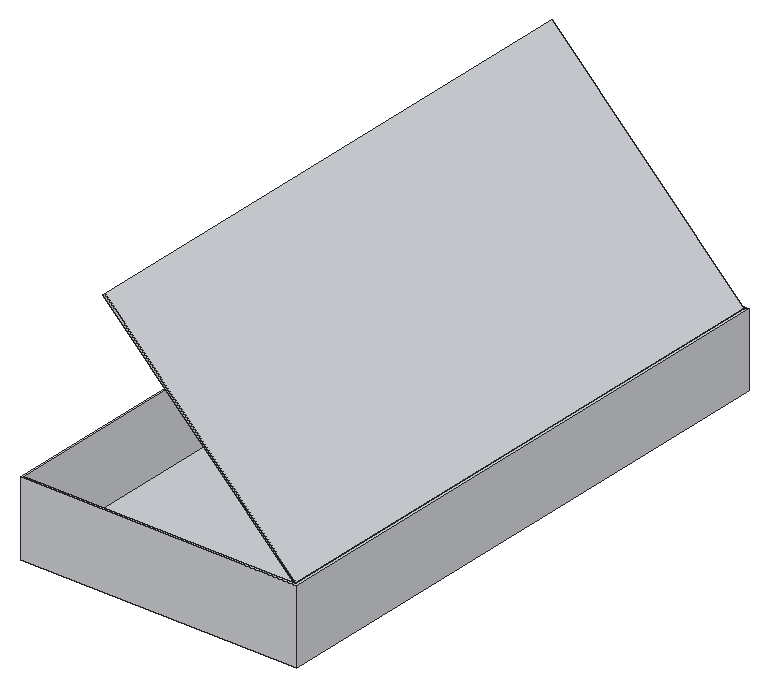
Revit family "Typ.B_TP&N_250A_Side_Extension_Boxes-empty-UK-en", category Electrical Equipment, host Face, Revit 2020
Family settings
  Host = Face
  Panel Configuration = Two Columns, Circuits Across
  Round Connector Dimension = Use Diameter
  Part Type = Panelboard
  Cut with Voids When Loaded = No
  Shared = No
  Room Calculation Point = No
Parameters (values of type "Surface mounted P2XC W465 H950 D124.5 0 Modular spacings - JK208BSF")
  Width Control [instance] = if([HG000006 - Flush mounted], if([EF000846 - Built-in width] > min_whd, [EF000846 - Built-in width], min_whd), if([EF000008 - Width] > min_whd, ([EF000008 - Width]), min_whd))  # 465 mm
  Void Depth [instance] = if([HG000006 - Flush mounted], Depth Control, 1 mm)  # 1 mm
  Type Comments = [HG000003 - Range]  # "Type B TP&N Distribution Boards"
  System Height [instance] = Height Control - 2 * [HG000005 - Thickness]  # 944 mm
  Model = [HG000004 - Manufacturer reference]  # "JK208BSF"
  HG000017 - Distance between poles = 18 mm
  HG000016 - Door 3d visibility [instance] = yes
  HG000015 - Clearance visibility [instance] = no
  HG000014 - Door on the right [instance] = yes
  HG000013 - Door on the left [instance] = not([HG000014 - Door on the right])  # no
  HG000012 - Door swing angle [instance] = 45.00°
  HG000011 - Empty rows from bottom = no
  HG000005 - Thickness = 3 mm  # constant formula
  Arrow Offset [instance] = Depth Control / 8  # 15.5 mm
  Arrow Height [instance] = Depth Control - Arrow Offset  # 108.5 mm
  Host Offset [instance] = if([HG000006 - Flush mounted], 0 mm, [EF000049 - Depth])  # 124 mm
  min_whd [instance] = (2 * [HG000005 - Thickness]) + 1 mm  # 7 mm
  Manufacturer = "Hager"  # constant formula
  Height Control [instance] = if([HG000006 - Flush mounted], if([EF000332 - Built-in height] > min_whd, [EF000332 - Built-in height], min_whd), if([EF000040 - Height] > min_whd, ([EF000040 - Height]), min_whd))  # 950 mm
  HG000010 - Asymmetric doors = no
  HG000009 - Double swing door = no
  HG000008 - Number of empty rows = 0
  HG000007 - Number of empty columns = 0
  HG000006 - Flush mounted = no
  HG000004 - Manufacturer reference = "JK208BSF"
  HG000003 - Range = "Type B TP&N Distribution Boards"
  HG000002 - With door or cover = yes
  HG000001 - Number of columns = 0
  Flush Mounted - Door Frame Width [instance] = if(([EF000040 - Height] - [EF000332 - Built-in height]) > 0 mm, if([HG000006 - Flush mounted], [EF000040 - Height] - [EF000332 - Built-in height], 0 mm), 0 mm)  # 0 mm
  EF015941 - Signal passing door = no
  EF015777 - Neutral terminal block = no
  EF015776 - Earthing terminal block = no
  EF009212 - Cover model = ""
  EF006306 - With lock = no
  EF006244 - Transparent cover/door = no
  EF005474 - Degree of protection (IP) = "EV009848 - IP2XC"
  EF004462 - Type of closure = "EV000154 - Other"
  EF002950 - Width in number of modular spacings = 0
  EF001596 - Material housing = "EV000179 - Steel"
  EF001134 - DIN-rail = no
  EF001131 - Internal depth = 0 mm
  EF001088 - Extension possible = no
  EF001062 - EMC-version = no
  EF000846 - Built-in width = 0 mm
  EF000339 - Type of cover = "EV004216 - Door"
  EF000332 - Built-in height = 0 mm
  EF000266 - Number of rows = 0
  EF000218 - Built-in depth = 0 mm
  EF000118 - With mounting plate = no
  EF000116 - RAL-number = "7035"
  EF000049 - Depth = 124 mm
  EF000040 - Height = 950 mm
  EF000008 - Width = 465 mm
  EF000007 - Colour = "EV000154 - Other"
  EF000003 - Mounting method = "EV000384 - Surface mounted (plaster)"
  Depth Control [instance] = if([HG000006 - Flush mounted], if([EF000218 - Built-in depth] > 0 mm, [EF000218 - Built-in depth], 1 mm), if([EF000049 - Depth] > 0 mm, ([EF000049 - Depth]), 1 mm))  # 124 mm
  Default Elevation = 0 mm
Types (5, lengths in mm): name | System Height | Model | Arrow Offset | Arrow Height | Host Offset | Height Control | HG000004 - Manufacturer reference | EF005474 - Degree of protection (IP) | EF004462 - Type of closure | EF001596 - Material housing | EF000116 - RAL-number | EF000049 - Depth | EF000040 - Height | EF000007 - Colour | Depth Control
  Surface mounted  W465 H1100 D165.5 0 Modular spacings - JK212BSF | 1094 | "JK212BSF" | 20.75 | 145.25 | 166 | 1100 | "JK212BSF" | "" | "" | "" | "" | 166 | 1100 | "" | 166
  Surface mounted  W465 H1250 D165.5 0 Modular spacings - JK216BSF | 1244 | "JK216BSF" | 20.75 | 145.25 | 166 | 1250 | "JK216BSF" | "" | "" | "" | "" | 166 | 1250 | "" | 166
  Surface mounted  W465 H1400 D165.5 0 Modular spacings - JK218BSF | 1394 | "JK218BSF" | 20.75 | 145.25 | 166 | 1400 | "JK218BSF" | "" | "" | "" | "" | 166 | 1400 | "" | 166
  Surface mounted P2XC W465 H1550 D165.5 0 Modular spacings - JK224BSF | 1544 | "JK224BSF" | 20.75 | 145.25 | 166 | 1550 | "JK224BSF" | "EV009848 - IP2XC" | "EV000154 - Other" | "EV000179 - Steel" | "7035" | 166 | 1550 | "EV000154 - Other" | 166
  Surface mounted P2XC W465 H950 D124.5 0 Modular spacings - JK208BSF | 944 | "JK208BSF" | 15.5 | 108.5 | 124 | 950 | "JK208BSF" | "EV009848 - IP2XC" | "EV000154 - Other" | "EV000179 - Steel" | "7035" | 124 | 950 | "EV000154 - Other" | 124
Reference planes
  plane 1 "Center (Front/Back)": y = 0
  plane 2: z = 0
  plane 3 "Center (Left/Right)": x = 0
  plane 4: z = 124
  plane 5: y = 3
  plane 6: z = 119
  plane 7: y = 475
  plane 8: y = 0
  plane 9: y = 950
  plane 10: z = 0
  plane 11: x = -232.5
  plane 12: x = 232.5
  plane 13: x = 229.5
  plane 14: x = -229.5
  plane 15: y = 947
  plane 16: z = 3
  plane 17: z = 121
  plane 18: z = -1
  plane 19: z = 121
Forms (mm)
  Extrusion 1, solid
    sketch origin (-583.045, 0, 1219.2) x (-1, 0, 0) y (0, 0, 1)
      loop
        line (-350.545, -1095.2) -> (-815.545, -1095.2) -> (-815.545, -1219.2) -> (-350.545, -1219.2) -> (-350.545, -1095.2)
    from 0 to 950 <- "Height Control"
  Extrusion 2, void
    sketch origin (-381.607, -4572, 124) x (0, -1, 0) y (-1, 0, 0)
      loop
        line (-5519, -152.107) -> (-5519, -611.107) -> (-4575, -611.107) -> (-4575, -152.107) -> (-5519, -152.107)
    from 0 to 121
  Extrusion 3, void
    sketch origin (0, 0, 0) x (1, 0, 0) y (0, 1, 0)
      loop
        line (-232.5, 0) -> (232.5, 0) -> (232.5, 950) -> (-232.5, 950) -> (-232.5, 0)
    from -1 to 1
  Extrusion 4, solid, detail levels coarse+medium
    sketch origin (-381.607, -4572, 124) x (-1, 0, 0) y (0, -1, 0)
      loop
        line (-152.107, -5519) -> (-152.107, -4575) -> (-611.107, -4575) -> (-611.107, -5519) -> (-152.107, -5519)
    from 0 to -3
Cuts and joins
  Extrusion 2 cuts Extrusion 1
Dimensions and locks
  plane 4 to plane 6 = 5 mm
  "Host Offset": plane 4 to host face
  "Flush Mounted - Door Frame Width": plane 1 "Center (Front/Back)" to plane 8
  "HG000005 - Thickness": plane 5 to plane 8
  locked: connector elem to plane 3 "Center (Left/Right)"
  "Height Control": plane 9 to plane 8
  equal spacing: plane 9, plane 7, plane 8
  locked: connector elem to plane 7
  "Depth Control": plane 4 to plane 10
  "HG000005 - Thickness": plane 11 to plane 14
  "HG000005 - Thickness": plane 12 to plane 13
  equal spacing: plane 11, plane 3 "Center (Left/Right)", plane 12
  "Width Control": plane 11 to plane 12
  "Arrow Offset": nested 4 to plane 10
  "HG000005 - Thickness": plane 9 to plane 15
  "HG000005 - Thickness": plane 16 to plane 10
  "HG000005 - Thickness": plane 4 to plane 17
  "Void Depth": plane 2 to plane 18
  "HG000005 - Thickness": plane 4 to plane 19
  aligned and locked: plane 2 to host face
  aligned and locked: level to host face
  aligned and locked: plane 3 "Center (Left/Right)" to nested 2
  aligned and locked: plane 4 to nested 2
  aligned and locked: nested 2 to plane 8
  aligned and locked: nested 1 to plane 6
  aligned and locked: nested 1 to plane 5
  aligned and locked: nested 4 to plane 11
  aligned and locked: nested 3 to plane 4
  aligned and locked: Extrusion 1 sketch curve to plane 12
  aligned and locked: Extrusion 1 sketch curve to plane 11
  aligned and locked: nested 3 to plane 10
  aligned and locked: plane 10 to Extrusion 1 sketch curve
  aligned and locked: Extrusion 2 sketch curve to plane 5
  aligned and locked: Extrusion 2 sketch curve to plane 15
  aligned and locked: Extrusion 2 sketch curve to plane 14
  aligned and locked: Extrusion 2 sketch curve to plane 13
  aligned and locked: plane 11 to Extrusion 3 sketch curve
  aligned and locked: plane 9 to Extrusion 3 sketch curve
  aligned and locked: Extrusion 3 sketch curve to plane 8
  aligned and locked: plane 12 to Extrusion 3 sketch curve
  aligned and locked: nested 3 to plane 12
  aligned and locked: Extrusion 3 to plane 18
  aligned and locked: Extrusion 2 to plane 16
  aligned and locked: Extrusion 1 sketch curve to plane 4
  aligned and locked: Extrusion 4 to plane 17
  aligned and locked: Extrusion 4 sketch curve to plane 15
  aligned and locked: Extrusion 4 sketch curve to plane 13
  aligned and locked: Extrusion 4 sketch curve to plane 14
  aligned and locked: Extrusion 4 sketch curve to plane 5
Automatic sketch dimensions
  host sketch curve to host sketch curve = 1469.727 mm
  host sketch curve to host sketch curve = 1434.803 mm
Nested families
  nested 1: "Hager_Enclosure_System" at (0, 3, 119) x (1, 0, 0) z (0, 1, 0), Depth <- "HG000005 - Thickness", Height <- "System Height", Width <- "EF000008 - Width", Border <- "HG000005 - Thickness", Flush_Mounted <- "HG000006 - Flush mounted", Built-in_Width <- "EF000846 - Built-in width", Row_Module_Multiplicator <- "EF002950 - Width in number of modular spacings", Total_No_Empty_Rows <- "HG000008 - Number of empty rows", Total_No_Rows <- "EF000266 - Number of rows", Empty_Columns <- "HG000007 - Number of empty columns", Width_Control <- "Width Control", Empty_Rows_From_Bottom <- "HG000011 - Empty rows from bottom", Distance_Between_Poles <- "HG000017 - Distance between poles", Rows_Count <- "EF000266 - Number of rows", Columns_Count <- "HG000001 - Number of columns", type "Hager_Enclosure_System", detail levels fine
    with Width_Control 465 mm, Width 465 mm, Total_No_Rows 0, Total_No_Empty_Rows 0, Total_No_Columns 1, System_Width 459 mm, Rows_Count 0, Rows_Column 0, Row_Module_Multiplicator 0, Panel_4 no, Panel_3 no, Panel_2 no, Panel_1 no, No_Panels_Ctrl 1, Hide_Columns yes, Height 944 mm, Flush_Mounted no, Empty_Rows_From_Bottom no, Empty_Rows_Column 0, Empty_Columns 0, Distance_Between_Poles 18 mm, Depth 3 mm, Columns_Count 0, Column_Width 459 mm, Built-in_Width 0 mm, Border 3 mm
  nested 2: "Hager_Enclosure_Door" at (0, 0, 124) x (1, 0, 0) z (0, 1, 0), Border <- "HG000005 - Thickness", Door_Right <- "HG000014 - Door on the right", Flush_Mounted <- "HG000006 - Flush mounted", Depth <- "EF000049 - Depth", Width <- "EF000008 - Width", Door_Left <- "HG000013 - Door on the left", 3d_Door <- "HG000016 - Door 3d visibility", BuiltIn_Width <- "EF000846 - Built-in width", BuiltIn_Height <- "EF000332 - Built-in height", BuiltIn_Depth <- "EF000218 - Built-in depth", Angle <- "HG000012 - Door swing angle", Assymetrical <- "HG000010 - Asymmetric doors", Double <- "HG000009 - Double swing door", Clearance <- "HG000015 - Clearance visibility", Transparent <- "EF006244 - Transparent cover/door", Door <- "HG000002 - With door or cover", Height_Ctrl <- "Height Control", Width_Ctrl <- "Width Control", Height <- "EF000040 - Height", type "Hager_Enclosure_Door", detail levels medium+fine
    with min_wh 7 mm, Width_Ctrl 465 mm, Width 465 mm, Transparent_Door_No_Bottom_Border no, Transparent no, Leaf_Width 456 mm, Leaf_Tolerance 1.5 mm, Leaf_Height 941 mm, Leaf_2_Width 456 mm, Leaf_2_Offset 228 mm, Leaf_1_Width 456 mm, Leaf_1_Offset 228 mm, Height_Ctrl 950 mm, Height 950 mm, Frame_Width_Ctrl 465 mm, Frame_Width 465 mm, Frame_Internal_Offset 0 mm, Frame_Height_Ctrl 950 mm, Frame_Height 950 mm, Frame_Depth_Ctrl 1 mm, Frame_Depth 0 mm, Flush_Mounted no, Double_Clearance_Ctrl no, Double no, Door_Right_Ctrl yes, Door_Right yes, Door_Left_Ctrl no, Door_Left no, Door yes, Depth 124 mm, Clearance_Depth 456 mm, Clearance_Ctrl no, Clearance no, BuiltIn_Width 0 mm, BuiltIn_Height 0 mm, BuiltIn_Depth 0 mm, Border 3 mm, Assymetrical no, Angle 45.00°, 3d_Door yes
  nested 3: "Hager_Enclosure_Symbol_Triangle" at (-232.5, 0, 0) x (1, 0, 0) z (0, -1, 0), Depth <- "Depth Control", Width <- "Width Control", type "Hager_Enclosure_Symbol_Triangle"
    with Width_Ctrl 465 mm, Width 465 mm, Depth_Ctrl 124 mm, Depth 124 mm
  nested 4: "Hager_Enclosure_Symbol_Arrow" at (-232.5, 0, 15.5) x (1, 0, 0) z (0, -1, 0), Height <- "Arrow Height", type "Hager_Enclosure_Symbol_Arrow"
    with Width_Inside 8.137 mm, Width 97.65 mm, Height_Ctrl 108.5 mm, Height 108.5 mm
Connectors
  electrical at (0, 475, 0)
    settings: on plane 10, index 1, voltage 0 V, apparent load 0 VA, apparent load phase1 0 VA, apparent load phase2 0 VA, apparent load phase3 0 VA, power factor 1, load classification "Other", number of poles 1, system type 30, power factor state 1, is connector primary yes, connector utility no, sub classification motor no, connector description ""
Definition of nested family "Hager_Enclosure_Door"
  Parameters (values of type "Hager_Enclosure_Door")
    min_wh [instance] = (2 * Border) + 1 mm  # 11 mm
    Width_Ctrl [instance] = 400 mm
    Width [instance] = 500 mm
    Transparent_Door_No_Bottom_Border [instance] = no
    Transparent [instance] = yes
    Leaf_Width [instance] = if((Width_Ctrl - 2 * Border - 2 * Leaf_Tolerance) > 0 mm, (Width_Ctrl - 2 * Border - 2 * Leaf_Tolerance), min_wh)  # 387 mm
    Leaf_Tolerance [instance] = 1.5 mm  # constant formula
    Leaf_Height [instance] = if((Height_Ctrl - 2 * Border - 2 * Leaf_Tolerance) > 0 mm, (Height_Ctrl - 2 * Border - 2 * Leaf_Tolerance), min_wh)  # 387 mm
    Leaf_2_Width [instance] = if(and(and(Double, Assymetrical), Door_Left), (Leaf_Width / 3) - (Leaf_Tolerance / 2), if(and(and(Double, Assymetrical), Door_Right), (Leaf_Width / 3) * 2 - (Leaf_Tolerance / 2), if(and(Double, not(Assymetrical)), (Leaf_Width / 2) - Leaf_Tolerance, Leaf_Width)))  # 387 mm
    Leaf_2_Offset [instance] = if(and(Double, Assymetrical), Leaf_2_Width / 2, if(and(Double, not(Assymetrical)), Leaf_Width / 4, Leaf_Width / 2))  # 193.5 mm
    Leaf_1_Width [instance] = if(and(and(Double, Assymetrical), Door_Right), (Leaf_Width / 3) - (Leaf_Tolerance / 2), if(and(and(Double, Assymetrical), Door_Left), (Width / 3) * 2 - (Leaf_Tolerance / 2), if(and(Double, not(Assymetrical)), (Leaf_Width / 2) - Leaf_Tolerance, Leaf_Width)))  # 387 mm
    Leaf_1_Offset [instance] = if(and(Double, Assymetrical), Leaf_1_Width / 2, if(and(Double, not(Assymetrical)), Leaf_Width / 4, Leaf_Width / 2))  # 193.5 mm
    Height_Ctrl [instance] = 400 mm
    Height [instance] = 500 mm
    Frame_Width_Ctrl [instance] = if(Frame_Width > 0 mm, Frame_Width, 1 mm)  # 1 mm
    Frame_Width [instance] = Width - BuiltIn_Width  # 0 mm
    Frame_Internal_Offset [instance] = if(Flush_Mounted, Border, 0 mm)  # 5 mm
    Frame_Height_Ctrl [instance] = if(Frame_Height > 0 mm, Frame_Height, 1 mm)  # 1 mm
    Frame_Height [instance] = Height - BuiltIn_Height  # 0 mm
    Frame_Depth_Ctrl [instance] = if(Frame_Depth > 0 mm, Frame_Depth, 1 mm)  # 1 mm
    Frame_Depth [instance] = if(Depth - BuiltIn_Depth > 0 mm, if(Flush_Mounted, Depth - BuiltIn_Depth, 0 mm), 0 mm)  # 0 mm
    Flush_Mounted [instance] = yes
    Double_Clearance_Ctrl [instance] = and(Double, Clearance)  # no
    Double [instance] = no
    Door_Right_Ctrl [instance] = and(or(Door_Right, Double), Door)  # yes
    Door_Right [instance] = yes
    Door_Left_Ctrl [instance] = and(or(Door_Left, Double), Door)  # no
    Door_Left [instance] = no
    Door [instance] = yes
    Depth [instance] = 500 mm
    Default Elevation = 1219.2 mm
    Clearance_Material = none
    Clearance_Depth [instance] = if(Leaf_1_Width > Leaf_2_Width, Leaf_1_Width, Leaf_2_Width)  # 387 mm
    Clearance_Ctrl [instance] = and(not(Double), Clearance)  # yes
    Clearance [instance] = yes
    BuiltIn_Width [instance] = 500 mm
    BuiltIn_Height [instance] = 500 mm
    BuiltIn_Depth [instance] = 500 mm
    Border [instance] = 5 mm
    Assymetrical [instance] = yes
    Angle [instance] = 30.00°
    3d_Door [instance] = yes
  Reference planes
    plane 1 "Center (Front/Back)": y = 0
    plane 2 "Bottom": z = 0
    plane 3 "Center (Left/Right)": x = 0
    plane 4: z = 400
    plane 5: x = -200
    plane 6: x = 200
    plane 7: z = 395
    plane 8: x = -195
    plane 9: z = 5
    plane 10: x = 195
    plane 11: y = 0
    plane 12: z = 6.5
    plane 13: x = -582
    plane 14: y = -387
    plane 15: x = 582
    plane 16: x = 0
    plane 17: x = 0
    plane 18: x = -193.5
    plane 19: x = 193.5
    plane 20: z = 393.5
  Forms (mm)
    Extrusion 1, solid, visible <- "Flush_Mounted"
      sketch origin (0, 0, 0) x (1, 0, 0) y (0, 0, 1)
        loop
          line (195, 5) -> (195, 395) -> (-195, 395) -> (-195, 5) -> (195, 5)
        loop
          line (-201, 401) -> (-201, -1) -> (201, -1) -> (201, 401) -> (-201, 401)
      from 0 to 1 <- "Frame_Depth_Ctrl"
    Extrusion 2, solid, material <- "Clearance_Material", visible <- "Double_Clearance_Ctrl"
      sketch origin (1200, 0, 0) x (1, 0, 0) y (0, 0, -1)
        loop
          line (-1782, -393.5) -> (-618, -393.5) -> (-618, 0) -> (-1782, 0) -> (-1782, -393.5)
      from 0 to -387
  Dimensions and locks
    equal spacing: plane 5, plane 3 "Center (Left/Right)", plane 6
    "Width_Ctrl": plane 5 to plane 6
    "Border": plane 5 to plane 8
    "Border": plane 6 to plane 10
    "Border": plane 9 to level
    "Border": plane 4 to plane 7
    "Height_Ctrl": plane 4 to level
    "Leaf_Tolerance": plane 12 to plane 9
    "Frame_Depth": plane 11 to plane 1 "Center (Front/Back)"
    "Frame_Width_Ctrl": plane 5 to Extrusion 1 sketch curve
    "Frame_Width_Ctrl": plane 6 to Extrusion 1 sketch curve
    "Frame_Width_Ctrl": Extrusion 1 sketch curve to plane 4
    "Frame_Width_Ctrl": plane 2 "Bottom" to Extrusion 1 sketch curve
    "Leaf_1_Offset": plane 18 to plane 16
    "Leaf_2_Offset": plane 17 to plane 19
    "Leaf_1_Width": plane 13 to plane 8
    "Leaf_2_Width": plane 10 to plane 15
    "Clearance_Depth": plane 14 to plane 1 "Center (Front/Back)"
    "Leaf_Tolerance": plane 8 to plane 18
    "Leaf_Tolerance": plane 19 to plane 10
    "Leaf_Tolerance": plane 7 to plane 20
    "Frame_Internal_Offset": plane 5 to Extrusion 1 sketch curve
    "Frame_Internal_Offset": Extrusion 1 sketch curve to plane 2 "Bottom"
    "Frame_Internal_Offset": plane 6 to Extrusion 1 sketch curve
    "Frame_Internal_Offset": plane 4 to Extrusion 1 sketch curve
    aligned and locked: level to plane 2 "Bottom"
    aligned and locked: nested 1 to plane 16
    aligned and locked: nested 2 to plane 17
    aligned and locked: Extrusion 2 to plane 13
    aligned and locked: plane 15 to Extrusion 2
    aligned and locked: Extrusion 2 to plane 14
    aligned and locked: plane 12 to nested 1
    aligned and locked: nested 2 to plane 12
    aligned and locked: Extrusion 2 to plane 11
    aligned and locked: plane 20 to Extrusion 2
    aligned and locked: nested 2 to plane 11
    aligned and locked: nested 1 to plane 11
  Automatic sketch dimensions
    Extrusion 2 sketch curve to level = 0 mm
    plane 5 to Extrusion 2 sketch curve = 382 mm
    plane 6 to Extrusion 2 sketch curve = 382 mm
    Extrusion 2 sketch curve to plane 4 = 6.5 mm
  Nested families
    nested 1: "Hager_Enclosure_Door_Leaf" at (0, 0, 6.5), Width <- "Leaf_1_Width", visible <- "Door_Left_Ctrl", Leaf_Height <- "Leaf_Height", Angle <- "Angle", Depth <- "Border", 3d_Door <- "3d_Door", Transparent <- "Transparent", Clearance Material <- "Clearance_Material", Clearance <- "Clearance_Ctrl", Transparent_Door_No_Bottom_Border <- "Transparent_Door_No_Bottom_Border", type "Hager_Enclosure_Door_Leaf"
      with Width 387 mm, Transparent_Door_No_Bottom_Border no, Transparent_Door_Border_Bottom_Top 25 mm, Transparent_Door_Border 25 mm, Transparent_Ctrl yes, Transparent yes, Standard no, Leaf_Height 387 mm, Glass_Offset 1 mm, Depth 5 mm, Clearance Material none, Clearance yes, Angle_Ctrl 30.00°, Angle 30.00°, 3d_Door yes
    nested 2: "Hager_Enclosure_Door_Leaf" at (0, 0, 6.5) x (-1, 0, 0) z (0, 0, 1), Width <- "Leaf_2_Width", visible <- "Door_Right_Ctrl", Leaf_Height <- "Leaf_Height", Angle <- "Angle", Depth <- "Border", 3d_Door <- "3d_Door", Transparent <- "Transparent", Clearance Material <- "Clearance_Material", Clearance <- "Clearance_Ctrl", Transparent_Door_No_Bottom_Border <- "Transparent_Door_No_Bottom_Border", type "Hager_Enclosure_Door_Leaf"
      with Width 387 mm, Transparent_Door_No_Bottom_Border no, Transparent_Door_Border_Bottom_Top 25 mm, Transparent_Door_Border 25 mm, Transparent_Ctrl yes, Transparent yes, Standard no, Leaf_Height 387 mm, Glass_Offset 1 mm, Depth 5 mm, Clearance Material none, Clearance yes, Angle_Ctrl 30.00°, Angle 30.00°, 3d_Door yes
  Definition of nested family "Hager_Enclosure_Door_Leaf"
    Parameters (values of type "Hager_Enclosure_Door_Leaf")
      Width [instance] = 2000 mm
      Transparent_Door_No_Bottom_Border [instance] = yes
      Transparent_Door_Border_Bottom_Top [instance] = if(Transparent_Door_No_Bottom_Border, 0.1 mm, Transparent_Door_Border)  # 0.1 mm
      Transparent_Door_Border [instance] = if(Transparent_Door_No_Bottom_Border, (Width * 0.12), 25 mm)  # 240 mm
      Transparent_Ctrl [instance] = and(Transparent, [3d_Door])  # yes
      Transparent [instance] = yes
      Standard [instance] = and(not(Transparent), [3d_Door])  # no
      Leaf_Height [instance] = 2720.336 mm
      Glass_Offset [instance] = if((Depth - 10 mm) / 2 > 0 mm, (Depth - 10 mm) / 2, 1 mm)  # 15 mm
      Glass_Material = none
      Depth [instance] = 40 mm
      Default Elevation = 0 mm
      Clearance Material [instance] = none
      Clearance [instance] = yes
      Angle_Ctrl [instance] = if(Angle > 170.00°, 170.00°, Angle)  # 45.00°
      Angle [instance] = 45.00°
      3d_Door [instance] = yes
    Reference planes
      plane 1 "Center (Front/Back)": y = 0
      plane 2: z = 0
      plane 3 "Center (Left/Right)": x = 0
      plane 4: y = 2000
      plane 5: x = -1000
      plane 6: x = 1000
      plane 7: x = -3000
      plane 8: z = 2720.336
      plane 9: z = 0.1
      plane 10: z = 2720.236
      plane 11: x = 760
      plane 12: x = -760
    Forms (mm)
      Extrusion 1, solid, material <- "Clearance Material", visible <- "Clearance"
        sketch origin (0, 0, 0) x (1, 0, 0) y (0, 0, 1)
          loop
            line (-3000, 2720.336) -> (-3000, 0) -> (1000, 0) -> (1000, 2720.336) -> (-3000, 2720.336)
        from 0 to -2000
      Extrusion 2, solid, visible <- "Standard", detail levels medium+fine
        sketch origin (-1000, 0, 0) x (0.707107, 0.707107, 0) y (-0.707107, 0.707107, 0)
          loop
            line (0, -40) -> (2000, -40) -> (2000, 0) -> (0, 0) -> (0, -40)
        from 0 to 2720.336 <- "Leaf_Height"
      Extrusion 3, solid, visible <- "Transparent_Ctrl", detail levels medium+fine
        sketch origin (-1000, 0, 0) x (0.707107, 0.707107, 0) y (-0.707107, 0.707107, 0)
          loop
            line (0, -40) -> (2000, -40) -> (2000, 0) -> (0, 0) -> (0, -40)
        from 0 to 2720.336 <- "Leaf_Height"
      Extrusion 4, void, detail levels medium+fine
        sketch origin (-1000, 0, 0) x (-0.707107, 0.707107, 0) y (0.707107, 0.707107, 0)
          loop
            line (0, 240) -> (0, 1760) -> (-40, 1760) -> (-40, 240) -> (0, 240)
        from -2720.236 to -0.1
      Extrusion 5, solid, material <- "Glass_Material", visible <- "Transparent_Ctrl", detail levels medium+fine
        sketch origin (-1000, 0, 0) x (0.707107, 0.707107, 0) y (-0.707107, 0.707107, 0)
          loop
            line (240, -15) -> (240, -25) -> (1760, -25) -> (1760, -15) -> (240, -15)
        from 0.1 to 2720.236
    Cuts and joins
      Extrusion 4 cuts Extrusion 3
    Lines and regions (mm)
      symbolic lines
        curve 1: line (1000, 0, 0) -> (-3000, 0, 0)
        curve 2: arc (1000, 0, 0) -> (-1000, 2000, 0) -> (-3000, 0, 0) r 2000
        curve 4: line (-1000, 0, 0) -> (414.214, 1414.214, 0)
      reference lines
        curve 3: line (-1000, 0, 0) -> (414.214, 1414.214, 0)
      symbolic lines, detail levels medium+fine
        curve 5: line (414.214, 1414.214, 0) -> (442.498, 1385.929, 0)
        curve 6: line (442.498, 1385.929, 0) -> (-971.716, -28.284, 0)
        curve 7: line (-971.716, -28.284, 0) -> (-1000, 0, 0)
        curve 8: line (-1000, 0, 2720.336) -> (1000, 0, 2720.336)
        curve 9: line (-1000, 0, 0) -> (-1000, 0, 2720.336)
        curve 10: line (1000, 0, 0) -> (-1000, 0, 0)
        curve 11: line (1000, 0, 2720.336) -> (1000, 0, 0)
      symbolic lines, visible <- "Transparent_Ctrl", detail levels medium+fine
        curve 12: line (-760, 0, 2720.236) -> (760, 0, 2720.236)
        curve 13: line (-760, 0, 0.1) -> (-760, 0, 2720.236)
        curve 14: line (760, 0, 0.1) -> (-760, 0, 0.1)
        curve 15: line (760, 0, 2720.236) -> (760, 0, 0.1)
    Dimensions and locks
      "Width": plane 1 "Center (Front/Back)" to plane 4
      equal spacing: plane 5, plane 3 "Center (Left/Right)", plane 6
      "Width": plane 5 to plane 6
      "Width": plane 7 to plane 5
      "Leaf_Height": plane 8 to level
      "Depth": curve 6 to curve 3
      "Width": curve 5 to curve 3
      "Width": curve 3 to curve 3
      "Transparent_Door_Border": Extrusion 4 sketch curve to curve 7
      "Transparent_Door_Border": Extrusion 4 sketch curve to curve 5
      "Transparent_Door_Border_Bottom_Top": plane 8 to plane 10
      "Transparent_Door_Border_Bottom_Top": plane 9 to level
      "Glass_Offset": Extrusion 5 sketch curve to curve 4
      "Glass_Offset": Extrusion 5 sketch curve to curve 6
      "Transparent_Door_Border": Extrusion 5 sketch curve to curve 5
      "Transparent_Door_Border": Extrusion 5 sketch curve to curve 7
      "Transparent_Door_Border": plane 12 to plane 5
      "Transparent_Door_Border": plane 6 to plane 11
      "Angle_Ctrl": angle plane 1 "Center (Front/Back)" to curve 3
      aligned and locked: level to plane 2
      aligned and locked: Extrusion 1 to curve 1
      aligned and locked: plane 6 to Extrusion 1
      aligned and locked: Extrusion 1 to plane 1 "Center (Front/Back)"
      aligned and locked: plane 4 to Extrusion 1
      aligned and locked: plane 8 to Extrusion 1
      aligned and locked: curve 4 to curve 3
      aligned and locked: Extrusion 2 sketch curve to curve 7
      aligned and locked: Extrusion 2 sketch curve to curve 6
      aligned and locked: Extrusion 2 sketch curve to curve 5
      aligned and locked: Extrusion 2 sketch curve to curve 3
      aligned and locked: curve 7 to Extrusion 3 sketch curve
      aligned and locked: Extrusion 3 sketch curve to curve 4
      aligned and locked: Extrusion 3 sketch curve to curve 6
      aligned and locked: Extrusion 3 sketch curve to curve 5
      aligned and locked: curve 4 to Extrusion 4 sketch curve
      aligned and locked: curve 6 to Extrusion 4 sketch curve
      aligned and locked: Extrusion 4 to plane 9
      aligned and locked: Extrusion 4 to plane 10
      aligned and locked: Extrusion 5 to plane 9
      aligned and locked: Extrusion 5 to plane 10
      aligned and locked: curve 8 to plane 8
      aligned and locked: plane 5 to curve 9
      aligned and locked: plane 2 to curve 10
      aligned and locked: curve 11 to plane 6
      aligned and locked: plane 10 to curve 12
      aligned and locked: plane 12 to curve 13
      aligned and locked: curve 14 to plane 9
      aligned and locked: plane 11 to curve 15
    Automatic sketch dimensions
      plane 1 "Center (Front/Back)" to curve 2 = 0 mm
      curve 2 to plane 5 = 0 mm
      Extrusion 1 sketch curve to level = 0 mm
      Extrusion 1 sketch curve to plane 7 = 0 mm
      Extrusion 1 sketch curve to plane 6 = 0 mm
      Extrusion 1 sketch curve to plane 8 = 0 mm
      plane 1 "Center (Front/Back)" to curve 3 = 0 mm
      curve 3 to plane 5 = 0 mm
      curve 7 to curve 3 = 0 mm
Definition of nested family "Hager_Enclosure_Symbol_Triangle"
  Parameters (values of type "Hager_Enclosure_Symbol_Triangle")
    Width_Ctrl [instance] = if(Width > 1 mm, Width, 1 mm)  # 498 mm
    Width [instance] = 498 mm
    Depth_Ctrl [instance] = if(Depth > 1 mm, Depth, 1 mm)  # 72 mm
    Depth [instance] = 72 mm
  Reference planes
    plane 1 "Centre (avant/arrière)": y = 0
    plane 2: z = 0
    plane 3 "Centre (gauche/droite)": x = 0
  Lines and regions (mm)
    Filled region 1, type "Solid_Black", in view "Niveau de réf."
      outline origin (0, 0, 0) x (1, 0, 0) y (0, 1, 0)
        loop
          line (0, 0) -> (498, 0) -> (498, 72) -> (0, 0)
    reference lines, in view "Niveau de réf."
      curve 1: line (-206.153, 72, 0) -> (1083.258, 72, 0)
      curve 2: line (498, 405.456, 0) -> (498, -517.619, 0)
  Dimensions and locks
    "Depth_Ctrl": plane 1 "Centre (avant/arrière)" to curve 1
    "Width_Ctrl": plane 3 "Centre (gauche/droite)" to curve 2
    aligned and locked: curve 1 to Filled region 1 sketch curve
    aligned and locked: Filled region 1 sketch curve to plane 1 "Centre (avant/arrière)"
    aligned and locked: curve 2 to Filled region 1 sketch curve
    aligned and locked: plane 3 "Centre (gauche/droite)" to Filled region 1 sketch curve
    aligned and locked: plane 1 "Centre (avant/arrière)" to Filled region 1 sketch curve
  Automatic sketch dimensions
    curve 1 to plane 3 "Centre (gauche/droite)" = 206.153 mm
    curve 2 to curve 1 = 585.258 mm
    plane 1 "Centre (avant/arrière)" to curve 2 = 517.619 mm
    curve 2 to plane 1 "Centre (avant/arrière)" = 405.456 mm
Definition of nested family "Hager_Enclosure_Symbol_Arrow"
  Parameters (values of type "Hager_Enclosure_Symbol_Arrow")
    Width_Inside [instance] = if(Width / 12 > 2 mm, Width / 12, 2 mm)  # 4.987 mm
    Width [instance] = if(Height_Ctrl * 0.9 > 2 mm, Height_Ctrl * 0.9, 2 mm)  # 59.85 mm
    Height_Ctrl [instance] = if(Height > 2 mm, Height, 2 mm)  # 66.5 mm
    Height [instance] = 66.5 mm
  Reference planes
    plane 1 "Centre (avant/arrière)": y = 0
    plane 2: z = 0
    plane 3 "Centre (gauche/droite)": x = 0
    plane 4: x = 59.85
    plane 5: y = 28.263
    plane 6: y = 38.238
    plane 7: y = 66.5
    plane 8: x = 29.925
    plane 9: y = 33.25
  Lines and regions (mm)
    Filled region 1, type "Solid_Black", in view "Niveau de réf."
      outline origin (0, 0, 0) x (1, 0, 0) y (0, 1, 0)
        loop
          line (59.85, 66.5) -> (37.929, 52.827) -> (51.846, 41.935) -> (59.85, 66.5)
    detail lines, in view "Niveau de réf."
      curve 1: line (0, 0, 0) -> (29.925, 38.238, 0)
      curve 2: line (29.925, 38.238, 0) -> (29.925, 28.263, 0)
      curve 3: line (29.925, 28.263, 0) -> (59.85, 66.5, 0)
  Dimensions and locks
    "Width": plane 3 "Centre (gauche/droite)" to plane 4
    "Height_Ctrl": plane 7 to plane 1 "Centre (avant/arrière)"
    equal spacing: plane 3 "Centre (gauche/droite)", plane 8, plane 4
    equal spacing: plane 7, plane 9, plane 1 "Centre (avant/arrière)"
    equal spacing: plane 6, plane 9, plane 5
    "Width_Inside": plane 6 to plane 9
    equal spacing: curve 3, Filled region 1 sketch curve, Filled region 1 sketch curve
    angle Filled region 1 sketch curve to curve 3 = 20.00°
    angle curve 3 to Filled region 1 sketch curve = 20.00°
    locked: curve 3 to Filled region 1 sketch curve (angle 90.00°)
  Automatic sketch dimensions
    plane 1 "Centre (avant/arrière)" to curve 1 = 0 mm
    curve 1 to plane 3 "Centre (gauche/droite)" = 0 mm
    curve 2 to plane 6 = 0 mm
    curve 3 to plane 8 = 0 mm
    curve 3 to plane 4 = 0 mm
    curve 2 to plane 5 = 0 mm
    curve 3 to plane 7 = 0 mm
    Filled region 1 sketch curve to plane 4 = 0 mm
    Filled region 1 sketch curve to plane 7 = 0 mm
